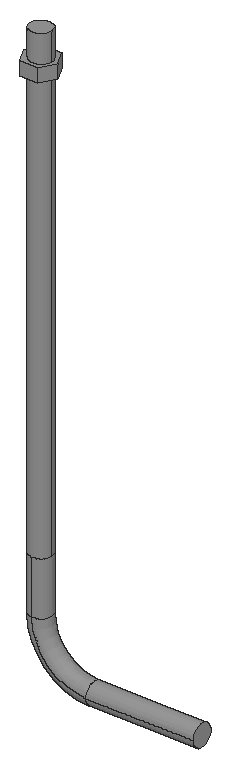
Revit family "Anchor Bolt", category Structural Connections, Revit 2017
Family settings
  Material for Model Behavior = Other
  Work Plane-Based = Yes
  Enable cutting in views = Yes
  Always vertical = No
  Cut with Voids When Loaded = No
  Shared = No
Parameters (values of type "#10")
  Side = Head Size * 0.57812  # 0' - 0.1626"
  Radius = Diameter / 2  # 0' - 0.09961"
  Length = 0' - 4"
  Head Size = 0' - 0 9/32"
  Head Radius = Head Size / 2  # 0' - 0 9/64"
  Head Height = 0' - 0 1/8"
  Diameter = 0' - 0 51/256"
  Default Elevation = 4' - 0"
  Bolt Material (Size) = 5/8" GALV. ANCHOR BOLT @ 24" O.C. (6" MIN. EMBEDMENT)
Types (8): name | Side | Radius | Length | Head Size | Head Radius | Head Height | Diameter | Bolt Material (Size)
  3/4" | 0' - 0.65039" | 0' - 0 3/8" | 0' - 4" | 0' - 1 1/8" | 0' - 0 9/16" | 0' - 0 1/2" | 0' - 0 3/4" | 5/8" GALV. ANCHOR BOLT @ 24" O.C. (6" MIN. EMBEDMENT)
  1/2" | 0' - 0 111/256" | 0' - 0 1/4" | 0' - 4" | 0' - 0 3/4" | 0' - 0 3/8" | 0' - 0 1/2" | 0' - 0 1/2" | 1/2" X 5" LAG BOLT (THRU BOLT IF PLATE ON OPP. SIDE OF STRUCT MEMBER)
  3/8" | 0' - 0.3252" | 0' - 0 3/16" | 0' - 4" | 0' - 0 9/16" | 0' - 0 9/32" | 0' - 0 1/4" | 0' - 0 3/8" | 3/8" X GALV LAG BOLT (HOLE 15/32")
  5/8" | 0' - 0.54199" | 0' - 0 5/16" | 0' - 10 1/2" | 0' - 0 15/16" | 0' - 0 15/32" | 0' - 0 27/64" | 0' - 0 5/8" | 5/8" GALV. ANCHOR BOLT @ 24" O.C. (6" MIN. EMBEDMENT)
  7/8" | 0' - 0.75879" | 0' - 0 7/16" | 0' - 4" | 0' - 1 5/16" | 0' - 0 21/32" | 0' - 0 37/64" | 0' - 0 7/8" | 5/8" GALV. ANCHOR BOLT @ 24" O.C. (6" MIN. EMBEDMENT)
  1" | 0' - 0 111/128" | 0' - 0 1/2" | 0' - 4" | 0' - 1 1/2" | 0' - 0 3/4" | 0' - 0 43/64" | 0' - 1" | 5/8" GALV. ANCHOR BOLT @ 24" O.C. (6" MIN. EMBEDMENT)
  1/4" | 0' - 0.25293" | 0' - 0 1/8" | 0' - 4" | 0' - 0 7/16" | 0' - 0 7/32" | 0' - 0 11/64" | 0' - 0 1/4" | 5/8" GALV. ANCHOR BOLT @ 24" O.C. (6" MIN. EMBEDMENT)
  #10 | 0' - 0.1626" | 0' - 0.09961" | 0' - 4" | 0' - 0 9/32" | 0' - 0 9/64" | 0' - 0 1/8" | 0' - 0 51/256" | 5/8" GALV. ANCHOR BOLT @ 24" O.C. (6" MIN. EMBEDMENT)
Reference planes (in)
  plane 1 "Center (Front/Back)": y = 0
  plane 2: z = 0
  plane 3 "Center (Left/Right)": x = 0
  plane 4: z = 0.125
  plane 5: z = -4
  plane 6: y = 0
  plane 7: x = 0
  plane 8: z = 0.375
Forms (in)
  Extrusion 1, solid, material "5/8" GALV. ANCHOR BOLT @ 24" O.C. (6" MIN. EMBEDMENT)" <- "Bolt Material (Size)"
    sketch origin (0, 0, 0) x (1, 0, 0) y (0, 1, 0)
      loop
        line (-0.08119, 0.14062) -> (-0.16238, 0) -> (-0.08119, -0.14063) -> (0.08119, -0.14063) -> (0.16238, 0) -> (0.08119, 0.14062) -> (-0.08119, 0.14062)
    from 0 to 0.125
  Extrusion 2, solid, material "5/8" GALV. ANCHOR BOLT @ 24" O.C. (6" MIN. EMBEDMENT)" <- "Bolt Material (Size)"
    sketch origin (0, 0, 0) x (1, 0, 0) y (0, 1, 0)
      loop
        circle (0, 0) r 0.09961
    from -4 to 0.375
  Sweep 3, solid, material "5/8" GALV. ANCHOR BOLT @ 24" O.C. (6" MIN. EMBEDMENT)" <- "Bolt Material (Size)"
    path origin (0, 0, 0) x (1, 0, 0) y (0, 0, 1)
      loop
        line (0, -4) -> (0, -4.5)
        arc (0, -4.5) -> (0.14645, -4.85355) -> (0.5, -5) r 0.5
        line (0.5, -5) -> (1.5, -5)
    profile origin (0, 0, -4.25) x (0, -1, 0) y (1, 0, 0)
      loop
        circle (0, 0) r 0.09961
Lines and regions (in)
  model lines, style "InvisibleLines"
    curve 1: line (0, -0.14063, 0.125) -> (0, 0.14062, 0.125)
    curve 2: line (0.16238, 0, 0.125) -> (-0.16238, 0, 0.125)
Dimensions and locks (in)
  "Head Height": plane 4 to level
  "Length": level to plane 5
  "Head Radius": Extrusion 1 sketch curve to plane 3 "Center (Left/Right)"
  "Head Radius": Extrusion 1 sketch curve to plane 7
  "Head Radius": Extrusion 1 sketch curve to plane 6  (x4)
  plane 8 to plane 4 = 0' - 0 1/4"
  locked: plane 5 to Sweep 3 sketch curve at 1
  "Radius": radius of Extrusion 2 sketch curve
  "Radius": radius of Sweep 3 sketch curve
  locked: Extrusion 1 sketch curve to Extrusion 1 sketch curve (angle 120.00°)  (x5)
  aligned and locked: level to plane 2
  aligned and locked: Extrusion 1 to plane 4
  aligned and locked: Extrusion 2 to plane 5
  aligned and locked: plane 7 to curve 1
  aligned and locked: plane 6 to curve 2
  aligned and locked: plane 8 to Extrusion 2
Automatic sketch dimensions
  curve 2 to Extrusion 1 = 0' - 0"
  curve 1 to Extrusion 1 = 0' - 0"
  Extrusion 1 to curve 1 = 0' - 0"
  Extrusion 1 to curve 2 = 0' - 0"
  plane 3 "Center (Left/Right)" to Sweep 3 sketch curve = 0' - 0"
  Sweep 3 sketch curve to plane 5 = 0' - 0"
  Sweep 3 sketch curve to plane 5 = 0' - 0 1/2"
  Sweep 3 sketch curve to Sweep 3 sketch curve = 0' - 1"
  plane 1 "Center (Front/Back)" to Extrusion 2 sketch curve = 0' - 0"
  Extrusion 2 sketch curve to plane 3 "Center (Left/Right)" = 0' - 0"
  plane 1 "Center (Front/Back)" to Sweep 3 sketch curve = 0' - 0"
  Sweep 3 sketch curve to profile plane = 0' - 0"
